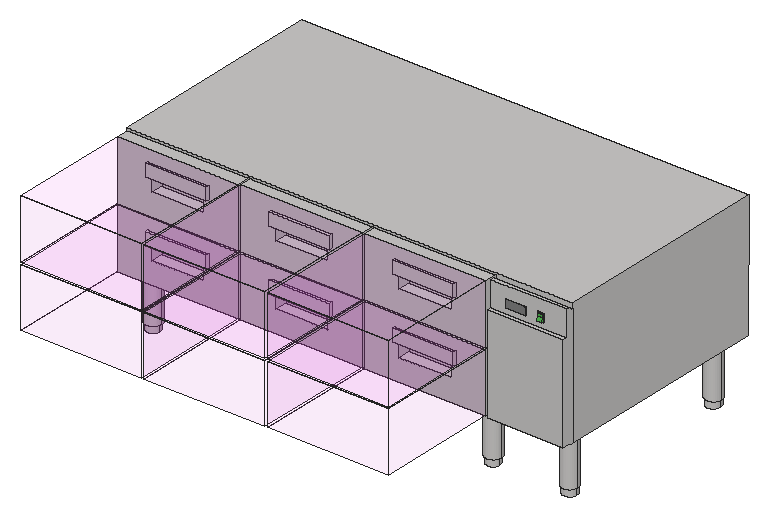
Revit family "QF_ZANUSSI_392600_Z9TTBECOMKN", category Specialty Equipment, Revit 2021 (continued)
Automatic sketch dimensions
  Split face 145 sketch curve to Split face 145 sketch curve = 0.02 mm  (x2)
  Split face 145 sketch curve to Extrusion 3 = 22.519 mm
  Split face 145 sketch curve to Extrusion 3 = 86.503 mm
  Split face 145 sketch curve to Split face 145 sketch curve = 4 mm
  Split face 146 sketch curve to Extrusion 3 = 54.499 mm
  Split face 146 sketch curve to Split face 146 sketch curve = 0.02 mm  (x2)
  Split face 146 sketch curve to Extrusion 3 = 22.519 mm
  Split face 146 sketch curve to Extrusion 3 = 74.504 mm
  Split face 146 sketch curve to Split face 146 sketch curve = 4 mm
  Split face 147 sketch curve to Extrusion 3 = 54.499 mm
  Split face 147 sketch curve to Split face 147 sketch curve = 0.02 mm  (x2)
  Split face 147 sketch curve to Extrusion 3 = 22.519 mm
  Split face 147 sketch curve to Extrusion 3 = 62.503 mm
  Split face 147 sketch curve to Split face 147 sketch curve = 4 mm
  Split face 148 sketch curve to Extrusion 3 = 54.499 mm
  Split face 148 sketch curve to Split face 148 sketch curve = 0.02 mm  (x2)
  Split face 148 sketch curve to Extrusion 3 = 22.519 mm
  Split face 148 sketch curve to Extrusion 3 = 50.504 mm
  Split face 148 sketch curve to Split face 148 sketch curve = 4 mm
  Split face 149 sketch curve to Extrusion 3 = 54.499 mm
  Split face 149 sketch curve to Split face 149 sketch curve = 0.02 mm  (x2)
  Split face 149 sketch curve to Extrusion 3 = 22.519 mm
  Split face 149 sketch curve to Extrusion 3 = 38.504 mm
  Split face 149 sketch curve to Split face 149 sketch curve = 4 mm
  Split face 150 sketch curve to Extrusion 3 = 22.504 mm
  Split face 150 sketch curve to Extrusion 3 = 54.499 mm
  Split face 150 sketch curve to Split face 150 sketch curve = 0.02 mm  (x2)
  Split face 150 sketch curve to Extrusion 3 = 22.519 mm
  Split face 150 sketch curve to Split face 150 sketch curve = 4 mm
  Split face 151 sketch curve to Extrusion 3 = 22.401 mm
  Split face 151 sketch curve to Extrusion 3 = 54.499 mm
  Split face 151 sketch curve to Split face 151 sketch curve = 0.02 mm  (x2)
  Split face 151 sketch curve to Extrusion 3 = 22.519 mm
  Split face 151 sketch curve to Split face 151 sketch curve = 4 mm
  plane 4 to Extrusion 16 sketch curve = 9.006 mm
  Extrusion 16 sketch curve to plane 3 "Centro (Sinistra/Destra)" = 360.999 mm
  Extrusion 16 sketch curve to Extrusion 16 sketch curve = 123.7 mm
  plane 12 to Extrusion 16 sketch curve = 73.7 mm
  plane 18 to Extrusion 16 sketch curve = 4 mm
  plane 4 to Extrusion 16 sketch curve = 88.212 mm
  Extrusion 16 sketch curve to Extrusion 16 sketch curve = 78.294 mm
  Extrusion 16 sketch curve to Extrusion 16 sketch curve = 55.994 mm
  Extrusion 16 to Extrusion 17 sketch curve = 0 mm
  Extrusion 17 sketch curve to Extrusion 16 = 0 mm  (x3)
  Extrusion 18 sketch curve to Extrusion 16 = 15 mm  (x2)
  Extrusion 16 to Extrusion 18 sketch curve = 31.031 mm
  Extrusion 18 sketch curve to Extrusion 16 = 13.969 mm
  plane 4 to Extrusion 19 sketch curve = 9.006 mm
  plane 3 "Centro (Sinistra/Destra)" to Extrusion 19 sketch curve = 81.031 mm
  Extrusion 19 sketch curve to plane 3 "Centro (Sinistra/Destra)" = 42.668 mm
  plane 4 to Extrusion 19 sketch curve = 88.212 mm
  Extrusion 19 sketch curve to Extrusion 19 sketch curve = 186.601 mm
  Extrusion 19 sketch curve to Extrusion 19 sketch curve = 123.7 mm
  Extrusion 19 sketch curve to Extrusion 19 sketch curve = 78.294 mm
  Extrusion 19 sketch curve to Extrusion 19 sketch curve = 55.994 mm
  Extrusion 19 to Extrusion 20 sketch curve = 0 mm
  Extrusion 20 sketch curve to Extrusion 19 = 0 mm  (x3)
  Extrusion 21 sketch curve to Extrusion 19 = 15 mm  (x2)
  Extrusion 19 to Extrusion 21 sketch curve = 31.031 mm
  Extrusion 21 sketch curve to Extrusion 19 = 13.969 mm
  plane 14 to Extrusion 22 sketch curve = 52 mm
  Extrusion 22 sketch curve to plane 14 = 71.738 mm
  Extrusion 22 sketch curve to plane 17 = 73.339 mm
  plane 4 to Extrusion 22 sketch curve = 9.006 mm
  plane 3 "Centro (Sinistra/Destra)" to Extrusion 22 sketch curve = 88.961 mm
  plane 4 to Extrusion 22 sketch curve = 88.212 mm
  Extrusion 22 sketch curve to Extrusion 22 sketch curve = 78.294 mm
  Extrusion 22 sketch curve to Extrusion 22 sketch curve = 55.994 mm
  Extrusion 23 sketch curve to Extrusion 22 = 0 mm  (x4)
  Extrusion 24 sketch curve to Extrusion 22 = 15 mm  (x2)
  Extrusion 22 to Extrusion 24 sketch curve = 31.031 mm
  Extrusion 24 sketch curve to Extrusion 22 = 13.969 mm
  radius of Extrusion 2 sketch curve = 6 mm
  radius of Split face 2 sketch curve = 1.2 mm
  radius of Split face 3 sketch curve = 1.2 mm
  radius of Split face 4 sketch curve = 1.2 mm
  radius of Split face 5 sketch curve = 1.2 mm
  radius of Split face 6 sketch curve = 1.2 mm
  radius of Split face 7 sketch curve = 1.2 mm
Nested families
  nested 1: "Foot H200" at (-745, -350, 0), type "Foot H200"
  nested 2: "Foot H200" at (-745, 292, 0), type "Foot H200"
  nested 3: "Foot H200" at (471, -350, 0) x (-1, 0, 0) z (0, 0, 1), type "Foot H200"
  nested 4: "Foot H200" at (471, 292, 0) x (-1, 0, 0) z (0, 0, 1), type "Foot H200"
  nested 5: "Foot H200" at (745, -350, 0) x (-1, 0, 0) z (0, 0, 1), type "Foot H200"
  nested 6: "Foot H200" at (745, 292, 0) x (-1, 0, 0) z (0, 0, 1), type "Foot H200"
  nested 7: "01_Refrigerator" at (550, -250, 0), type "01_Refrigerator"
Connectors
  electrical at (760, 260, 189.987)
    settings: on Extrusion 2, index 1, voltage 0 V, apparent load 0 VA, apparent load phase1 0 VA, apparent load phase2 0 VA, apparent load phase3 0 VA, power factor 1, load classification "Altro", number of poles 1, system type 30, power factor state 1, is connector primary yes, connector utility no, sub classification motor no, connector description "Electrical"
Definition of nested family "Foot H200"
  Parameters (values of type "Foot H200")
    Default Elevation = 0 mm
  Reference planes
    plane 1 "Centro (Fronte/Retro)": y = 0
    plane 2: z = 0
    plane 3 "Centro (Sinistra/Destra)": x = 0
    plane 4: z = 200
  Forms (mm)
    Revolve 1, solid
      sketch origin (255.05, 0, 608.09) x (0, 0, 1) y (-1, 0, 0)
        loop
          line (-608.09, 255.05) -> (-608.09, 230.05) -> (-583.09, 230.05) -> (-583.09, 226.05) -> (-408.09, 226.05) -> (-408.09, 255.05) -> (-608.09, 255.05)
        axis (-608.09, 255.05) -> (-408.09, 255.05)
      angle from 0 to 360
  Dimensions and locks
    Revolve 1 sketch curve to Revolve 1 sketch curve = 175 mm
    plane 4 to level = 200 mm
    aligned and locked: level to plane 2
    aligned and locked: plane 4 to Revolve 1 sketch curve
    aligned and locked: Revolve 1 sketch curve to level
    aligned and locked: plane 3 "Centro (Sinistra/Destra)" to Revolve 1 sketch curve
Definition of nested family "01_Refrigerator"
  Reference planes
    plane 1 "Center (Front/Back)": y = 0
    plane 2: z = 0
    plane 3 "Center (Left/Right)": x = 0
  Lines and regions (mm)
    detail lines, in view "Ref. Level"
      curve 1: line (0, -60, 0) -> (0, 60, 0)
      curve 2: line (-51.962, 30, 0) -> (51.962, -30, 0)
      curve 3: line (-51.962, -30, 0) -> (51.962, 30, 0)
      curve 4: line (19.116, 56.873, 0) -> (0, 35, 0)
      curve 5: line (0, 35, 0) -> (-19.116, 56.873, 0)
      curve 6: line (-30.311, 17.5, 0) -> (-40, 45.883, 0)
      curve 7: line (-59.736, 11.7, 0) -> (-30.311, 17.5, 0)
      curve 8: line (-30.311, -17.5, 0) -> (-59.736, -11.7, 0)
      curve 9: line (-40, -45.883, 0) -> (-30.311, -17.5, 0)
      curve 10: line (0, -35, 0) -> (-19.116, -56.873, 0)
      curve 11: line (19.116, -56.873, 0) -> (0, -35, 0)
      curve 12: line (30.311, -17.5, 0) -> (39.696, -44.992, 0)
      curve 13: line (58.812, -11.882, 0) -> (30.311, -17.5, 0)
      curve 14: line (30.311, 17.5, 0) -> (58.812, 11.882, 0)
      curve 15: line (39.696, 44.992, 0) -> (30.311, 17.5, 0)
      curve 16: spline (-200, 0, 0) -> (-193.185, -23.294, 0) -> (-173.205, -45, 0) -> (-141.421, -63.64, 0) -> (-100, -77.942, 0) -> (-51.764, -86.933, 0) -> (0, -90, 0) -> (51.764, -86.933, 0) -> (100, -77.942, 0) -> (141.421, -63.64, 0) -> (173.205, -45, 0) -> (193.185, -23.294, 0) -> (200, 0, 0) -> (193.185, 23.294, 0) -> (173.205, 45, 0) -> (141.421, 63.64, 0) -> (100, 77.942, 0) -> (51.764, 86.933, 0) -> (0, 90, 0) -> (-51.764, 86.933, 0) -> (-100, 77.942, 0) -> (-141.421, 63.64, 0) -> (-173.205, 45, 0) -> (-193.185, 23.294, 0) -> (-200, 0, 0)
